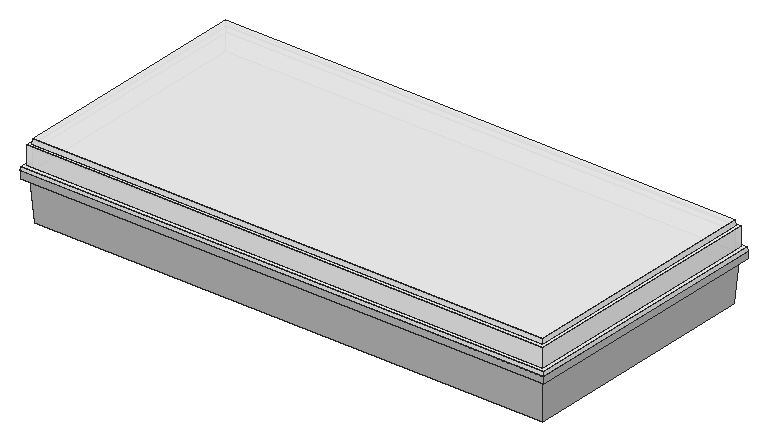
Revit family "SOLID EXIT LED EMERGENCY EXIT LIGHT TWT3051WK", category Lighting Fixtures, host Face, Revit 2015
Parameters (values of type "-arrow up")
  Width = 371 mm  # constant formula
  Viewing Distance = 30000 mm  # constant formula
  Up = yes
  Type Comments = "PB3005E"
  Right = no
  Product Code = "TWT3051WK"  # constant formula
  Pictogram = Teknoware Pictogram PB3005E
  Model = "Solid Exit"  # constant formula
  Material = Plastic
  Manufacturer = "Teknoware Oy"  # constant formula
  Left = no
  Height = 57 mm  # constant formula
  Down = no
  Depth = 181 mm  # constant formula
  Default Elevation = 1219.2 mm
  Color = RAL9003
Types (4, lengths in mm): name | Up | Type Comments | Right | Pictogram | Left | Down
  -arrow down | no | "PB3003E" | no | Teknoware Pictogram PB3003E | no | yes
  -arrow up | yes | "PB3005E" | no | Teknoware Pictogram PB3005E | no | no
  -arrow left | no | "PB3001E" | no | Teknoware Pictogram PB3001E | yes | no
  -arrow right | no | "PB3002E" | yes | Teknoware Pictogram PB3002E | no | no
Reference planes
  plane 1 "Center (Front/Back)": y = 0
  plane 2 "Bottom": z = 0
  plane 3 "Center (Left/Right)": x = 0
  plane 4 "Left": x = -185.5
  plane 5 "Right": x = 185.5
  plane 6 "Back": y = 90.5
  plane 7 "Front": y = -90.5
  plane 8 "Top": z = 57
  plane 9 "Center (Elevation)": z = 28.5
  plane 10: z = 36.691
  plane 11: z = 127
Dimensions and locks
  equal spacing: plane 4 "Left", plane 3 "Center (Left/Right)", plane 5 "Right"
  equal spacing: plane 6 "Back", plane 1 "Center (Front/Back)", plane 7 "Front"
  "Width": plane 4 "Left" to plane 5 "Right"
  "Depth": plane 6 "Back" to plane 7 "Front"
  equal spacing: plane 8 "Top", plane 9 "Center (Elevation)", plane 2 "Bottom"
  "Height": plane 8 "Top" to plane 2 "Bottom"
  locked: plane 8 "Top" to plane 10 at 20.309
  locked: plane 11 to plane 8 "Top" at 70
  aligned and locked: plane 2 "Bottom" to host face
  aligned and locked: level to host face
  aligned and locked: plane 3 "Center (Left/Right)" to nested 1
  aligned and locked: plane 1 "Center (Front/Back)" to nested 1
  aligned and locked: plane 8 "Top" to nested 1
  aligned and locked: plane 3 "Center (Left/Right)" to nested 2
  aligned and locked: plane 1 "Center (Front/Back)" to nested 2
  aligned and locked: plane 11 to nested 3
  aligned and locked: plane 11 to nested 5
  aligned and locked: plane 11 to nested 4
  aligned and locked: nested 6 to plane 11
  aligned and locked: nested 5 to plane 3 "Center (Left/Right)"
  aligned and locked: nested 3 to plane 3 "Center (Left/Right)"
  aligned and locked: nested 4 to plane 3 "Center (Left/Right)"
  aligned and locked: nested 6 to plane 3 "Center (Left/Right)"
Automatic sketch dimensions
  host sketch curve to host sketch curve = 2438.4 mm  (x2)
Nested families
  nested 1: "Solid Safe kupu_opasteella" at (414.5, 209.5, 0), type "Solid Safe kupu_opasteella"
  nested 2: "Solid Safe runko" at (414.5, 209.5, 0), type "Solid Safe runko"
  nested 3: "2D nuoli ylös" at (0, 0, 127) x (-1, 0, 0) z (0, -1, 0), visible <- "Up", type "2D nuoli ylös"
  nested 4: "2D nuoli sivulle" at (0, 0, 127) x (-1, 0, 0) z (0, -1, 0), visible <- "Left", type "2D nuoli sivulle"
  nested 5: "2D nuoli alas" at (0, 0, 127) x (-1, 0, 0) z (0, -1, 0), visible <- "Down", type "2D nuoli alas"
  nested 6: "2D nuoli sivulle" at (0, 0, 127) x (1, 0, 0) z (0, -1, 0), visible <- "Right", type "2D nuoli sivulle"
Definition of nested family "Solid Safe kupu_opasteella"
  Parameters (values of type "Solid Safe kupu_opasteella")
    Width = 371 mm  # constant formula
    Pictogram = none
    Depth = 181 mm  # constant formula
    Height = 57 mm  # constant formula
    Default Elevation = 1219.2 mm
    Color = none
    Body Material = none
  Reference planes
    plane 1 "Center (Front/Back)": y = -209.5
    plane 2 "Bottom": z = 0
    plane 3 "Center (Left/Right)": x = -414.5
    plane 4 "Left": x = -600
    plane 5 "Right": x = -229
    plane 6 "Front": y = -300
    plane 7 "Back": y = -119
    plane 8 "Top": z = 57
    plane 9 "Center (Elevation)": z = 28.5
    plane 10: x = -564.5
    plane 11: x = -264.5
    plane 12: y = -134.5
    plane 13: y = -284.5
  Forms (mm)
    Sweep 1, solid
      path origin (0, 0, 57) x (0, -1, 0) y (1, 0, 0)
        loop
          line (119, -600) -> (300, -600) -> (300, -229) -> (119, -229) -> (119, -600)
      profile origin (-600, -209.5, 57) x (-1, 0, 0) y (0, 0, 1)
        loop
          line (0, -20.309) -> (0, -17.275) -> (-2.466, -17.275) -> (-2.466, -3.774) -> (-4.422, -3.774) -> (-4.752, 0) -> (-7.262, 0) -> (-6.713, -6.274) -> (-4.966, -6.274) -> (-4.966, -20.309) -> (0, -20.309)
    Extrusion 2, solid
      sketch origin (0, -209.5, 57) x (1, 0, 0) y (0, 0, 1)
        loop
          line (-592.738, 0) -> (-592.957, -2.5) -> (-236.043, -2.5) -> (-236.262, 0) -> (-592.738, 0)
      from -85.534 to 85.534
  Cuts and joins
    joined: Sweep 1, Extrusion 2
  Lines and regions (mm)
    Split face 1
      outline origin (-236.262, -295.034, 57) x (0, 1, 0) y (-1, 0, 0)
        loop
          line (160.534, 328.238) -> (10.534, 328.238) -> (10.534, 28.238) -> (160.534, 28.238) -> (160.534, 328.238)
  Dimensions and locks
    equal spacing: plane 4 "Left", plane 3 "Center (Left/Right)", plane 5 "Right"
    equal spacing: plane 7 "Back", plane 1 "Center (Front/Back)", plane 6 "Front"
    equal spacing: plane 8 "Top", plane 9 "Center (Elevation)", plane 2 "Bottom"
    "Height": plane 8 "Top" to plane 2 "Bottom"
    "Width": plane 4 "Left" to plane 5 "Right"
    "Depth": plane 7 "Back" to plane 6 "Front"
    equal spacing: plane 10, plane 3 "Center (Left/Right)", plane 11
    locked: plane 10 to plane 11 at 300
    equal spacing: plane 12, plane 1 "Center (Front/Back)", plane 13
    locked: plane 12 to plane 13 at 150
    aligned and locked: level to plane 2 "Bottom"
    aligned and locked: Split face 1 sketch curve to plane 12
    aligned and locked: plane 10 to Split face 1 sketch curve
    aligned and locked: plane 13 to Split face 1 sketch curve
    aligned and locked: Split face 1 sketch curve to plane 11
  Automatic sketch dimensions
    Sweep 1 sketch curve to plane 5 "Right" = 0 mm
    Sweep 1 sketch curve to plane 7 "Back" = 0 mm
    Sweep 1 sketch curve to plane 4 "Left" = 0 mm
    Sweep 1 sketch curve to plane 6 "Front" = 0 mm
    Sweep 1 sketch curve to profile plane = 0 mm  (x2)
    profile plane to Sweep 1 sketch curve = 2.466 mm
    Sweep 1 sketch curve to Sweep 1 sketch curve = 1.956 mm
    Sweep 1 sketch curve to Sweep 1 sketch curve = 0.33 mm
    Sweep 1 sketch curve to Sweep 1 sketch curve = 2.5 mm  (x2)
    Sweep 1 sketch curve to Sweep 1 sketch curve = 1.746 mm
    Sweep 1 sketch curve to Sweep 1 sketch curve = 2.51 mm
    Sweep 1 sketch curve to profile plane = 3.774 mm
    Sweep 1 sketch curve to Sweep 1 sketch curve = 11.001 mm
    Sweep 1 sketch curve to Sweep 1 sketch curve = 3.033 mm
    Extrusion 2 sketch curve to plane 8 "Top" = 0 mm
    Extrusion 2 sketch curve to plane 8 "Top" = 2.5 mm
    plane 4 "Left" to Extrusion 2 sketch curve = 7.043 mm
    Extrusion 2 sketch curve to Extrusion 2 sketch curve = 0.219 mm  (x2)
    Extrusion 2 sketch curve to plane 5 "Right" = 7.262 mm
Definition of nested family "Solid Safe runko"
  Parameters (values of type "Solid Safe runko")
    Width = 371 mm  # constant formula
    Depth = 181 mm  # constant formula
    Height = 57 mm  # constant formula
    Default Elevation = 1219.2 mm
    Color = none
    Body Material = none
  Reference planes
    plane 1 "Center (Front/Back)": y = -209.5
    plane 2 "Bottom": z = 0
    plane 3 "Center (Left/Right)": x = -414.5
    plane 4 "Left": x = -600
    plane 5 "Right": x = -229
    plane 6 "Front": y = -300
    plane 7 "Back": y = -119
    plane 8 "Top": z = 57
    plane 9 "Center (Elevation)": z = 28.5
  Forms (mm)
    Extrusion 1, solid, material <- "Body Material"
      sketch origin (-234.616, -209.5, 3.654) x (0, 1, 0) y (1, 0, 0)
        loop
          line (78.884, -354.767) -> (78.884, -5) -> (-78.884, -5) -> (-78.884, -354.767) -> (78.884, -354.767)
      from 0 to 3.654
    Extrusion 2, void
      sketch origin (-414.5, 0, 57) x (0, 1, 0) y (0, 0, 1)
        loop
          line (-124.872, -57) -> (-119, -57) -> (-119, -25.083) -> (-122.64, -25.083) -> (-124.872, -57)
        loop
          line (-296.36, -25.083) -> (-300, -25.083) -> (-300, -57) -> (-294.128, -57) -> (-296.36, -25.083)
      from -185.5 to 185.5
    Extrusion 3, solid, material <- "Body Material"
      sketch origin (0, -209.5, 57) x (1, 0, 0) y (0, 0, 1)
        loop
          line (-594.384, -53.346) -> (-234.616, -53.346) -> (-232.64, -25.083) -> (-229, -25.083) -> (-229, -20.309) -> (-600, -20.309) -> (-600, -25.083) -> (-596.36, -25.083) -> (-594.384, -53.346)
      from -90.5 to 90.5
  Cuts and joins
    Extrusion 2 cuts Extrusion 3
    joined: Extrusion 1, Extrusion 3
  Dimensions and locks
    equal spacing: plane 4 "Left", plane 3 "Center (Left/Right)", plane 5 "Right"
    equal spacing: plane 7 "Back", plane 1 "Center (Front/Back)", plane 6 "Front"
    equal spacing: plane 8 "Top", plane 9 "Center (Elevation)", plane 2 "Bottom"
    "Height": plane 8 "Top" to plane 2 "Bottom"
    "Width": plane 4 "Left" to plane 5 "Right"
    "Depth": plane 7 "Back" to plane 6 "Front"
    aligned and locked: level to plane 2 "Bottom"
    aligned and locked: Extrusion 1 to level
  Automatic sketch dimensions
    Extrusion 2 sketch curve to level = 0 mm  (x2)
    Extrusion 2 sketch curve to plane 6 "Front" = 0 mm
    Extrusion 2 sketch curve to plane 7 "Back" = 0 mm
    plane 6 "Front" to Extrusion 2 sketch curve = 3.64 mm
    plane 6 "Front" to Extrusion 2 sketch curve = 5.872 mm
    Extrusion 2 sketch curve to Extrusion 2 sketch curve = 5.872 mm
    Extrusion 2 sketch curve to Extrusion 2 sketch curve = 3.64 mm
    plane 9 "Center (Elevation)" to Extrusion 2 sketch curve = 3.417 mm  (x2)
    Extrusion 3 sketch curve to plane 4 "Left" = 0 mm
    Extrusion 3 sketch curve to plane 5 "Right" = 0 mm
    plane 4 "Left" to Extrusion 3 sketch curve = 3.64 mm
    plane 4 "Left" to Extrusion 3 sketch curve = 5.616 mm
    Extrusion 3 sketch curve to plane 5 "Right" = 5.616 mm
    Extrusion 3 sketch curve to plane 5 "Right" = 3.64 mm
    level to Extrusion 3 sketch curve = 3.654 mm
    plane 9 "Center (Elevation)" to Extrusion 3 sketch curve = 3.417 mm  (x2)
    Extrusion 3 sketch curve to Extrusion 3 sketch curve = 4.774 mm
    Extrusion 1 sketch curve to Extrusion 3 = 5 mm
    Extrusion 1 sketch curve to Extrusion 3 = 11.616 mm  (x2)
    Extrusion 3 to Extrusion 1 sketch curve = 5 mm
Definition of nested family "2D nuoli ylös"
  Reference planes
    plane 1 "Center (Front/Back)": y = 0
    plane 2: z = 0
    plane 3 "Center (Left/Right)": x = 0
  Lines and regions (mm)
    Filled region 1, type "Green Filled", in view "Ref. Level"
      outline origin (0, 0, 0) x (1, 0, 0) y (0, 1, 0)
        loop
          line (-99.857, 0) -> (-99.857, -100) -> (99.857, -100) -> (99.857, 0) -> (-99.857, 0)
        loop
          arc (-31.923, -44.203) -> (-32.287, -44.046) -> (-32.607, -44.281) r 0.4
          line (-32.607, -44.281) -> (-36.639, -53.338)
          arc (-36.639, -53.338) -> (-36.724, -53.76) -> (-36.624, -54.178) r 0.994
          line (-36.624, -54.178) -> (-21.817, -84.536) -> (-27.712, -84.536)
          arc (-27.712, -84.536) -> (-30.096, -83.87) -> (-31.791, -82.065) r 4.603
          line (-31.791, -82.065) -> (-43.712, -59.255)
          arc (-43.712, -59.255) -> (-44.051, -59.09) -> (-44.307, -59.368) r 0.316
          line (-44.307, -59.368) -> (-45.505, -70.534)
          arc (-45.505, -70.534) -> (-46.482, -73.238) -> (-49.121, -74.379) r 3.623
          line (-49.121, -74.379) -> (-74.77, -74.379)
          arc (-74.77, -74.379) -> (-72.239, -69.16) -> (-66.837, -67.046) r 7.958
          line (-66.837, -67.046) -> (-53.724, -67.046)
          arc (-53.724, -67.046) -> (-53.159, -66.823) -> (-52.898, -66.276) r 0.827
          line (-52.898, -66.276) -> (-52.102, -54.815)
          arc (-52.102, -54.815) -> (-51.859, -52.833) -> (-51.41, -50.887) r 19.079
          line (-51.41, -50.887) -> (-45.738, -39.258) -> (-51.391, -39.258)
          arc (-51.391, -39.258) -> (-52.105, -39.447) -> (-52.63, -39.965) r 1.439
          line (-52.63, -39.965) -> (-57.784, -48.688)
          arc (-57.784, -48.688) -> (-61.673, -49.25) -> (-63.056, -45.573) r 3.135
          line (-63.056, -45.573) -> (-57.765, -36.409)
          arc (-57.765, -36.409) -> (-55.741, -34.384) -> (-52.975, -33.643) r 5.532
          line (-52.975, -33.643) -> (-35.016, -33.643)
          arc (-35.016, -33.643) -> (-32.468, -34.219) -> (-30.417, -35.836) r 5.918
          line (-30.417, -35.836) -> (-23.238, -44.702) -> (-14.74, -44.702) -> (-14.74, -12.003) -> (-66.843, -12.003) -> (-66.843, -65.836)
          arc (-66.843, -65.836) -> (-73.933, -68.773) -> (-76.87, -75.863) r 10.027
          line (-76.87, -75.863) -> (-66.891, -75.863) -> (-66.891, -87.015) -> (-71.979, -92.103) -> (-37.454, -92.103) -> (-31.927, -86.949)
          arc (-31.927, -86.949) -> (-30.718, -86.187) -> (-29.314, -85.92) r 3.832
          line (-29.314, -85.92) -> (-23.096, -85.92) -> (-29.279, -92.103) -> (-19.444, -92.103) -> (-14.74, -87.399) -> (-14.74, -50.784) -> (-24.352, -50.784)
          arc (-24.352, -50.784) -> (-26.689, -50.233) -> (-28.536, -48.697) r 5.239
          line (-28.536, -48.697) -> (-31.923, -44.203)
        loop
          circle (-33.592, -25.92) r 6.244
        loop
          line (39, -82.408) -> (55.302, -82.408) -> (55.302, -49.907) -> (75.045, -69.65) -> (75.045, -48.564) -> (47.151, -17.585) -> (19.258, -48.564) -> (19.258, -69.65) -> (39, -49.907) -> (39, -82.408)
    Filled region 2, type "White Fill", in view "Ref. Level"
      outline origin (0, 0, 0) x (1, 0, 0) y (0, 1, 0)
        loop
          arc (-57.765, -36.409) -> (-55.741, -34.384) -> (-52.975, -33.643) r 5.532
          line (-52.975, -33.643) -> (-35.016, -33.643)
          arc (-35.016, -33.643) -> (-32.468, -34.219) -> (-30.417, -35.836) r 5.918
          line (-30.417, -35.836) -> (-23.238, -44.702) -> (-14.74, -44.702) -> (-14.74, -12.003) -> (-66.843, -12.003) -> (-66.843, -65.836)
          arc (-66.843, -65.836) -> (-73.933, -68.773) -> (-76.87, -75.863) r 10.027
          line (-76.87, -75.863) -> (-66.891, -75.863) -> (-66.891, -87.015) -> (-71.979, -92.103) -> (-37.454, -92.103) -> (-31.927, -86.949)
          arc (-31.927, -86.949) -> (-30.718, -86.187) -> (-29.314, -85.92) r 3.832
          line (-29.314, -85.92) -> (-23.096, -85.92) -> (-29.279, -92.103) -> (-19.444, -92.103) -> (-14.74, -87.399) -> (-14.74, -50.784) -> (-24.352, -50.784)
          arc (-24.352, -50.784) -> (-26.689, -50.233) -> (-28.536, -48.697) r 5.239
          line (-28.536, -48.697) -> (-31.923, -44.203)
          arc (-31.923, -44.203) -> (-32.287, -44.046) -> (-32.607, -44.281) r 0.4
          line (-32.607, -44.281) -> (-36.639, -53.338)
          arc (-36.639, -53.338) -> (-36.724, -53.76) -> (-36.624, -54.178) r 0.994
          line (-36.624, -54.178) -> (-21.817, -84.536) -> (-27.712, -84.536)
          arc (-27.712, -84.536) -> (-30.096, -83.87) -> (-31.791, -82.065) r 4.603
          line (-31.791, -82.065) -> (-43.712, -59.255)
          arc (-43.712, -59.255) -> (-44.051, -59.09) -> (-44.307, -59.368) r 0.316
          line (-44.307, -59.368) -> (-45.505, -70.534)
          arc (-45.505, -70.534) -> (-46.482, -73.238) -> (-49.121, -74.379) r 3.623
          line (-49.121, -74.379) -> (-74.77, -74.379)
          arc (-74.77, -74.379) -> (-72.239, -69.16) -> (-66.837, -67.046) r 7.958
          line (-66.837, -67.046) -> (-53.724, -67.046)
          arc (-53.724, -67.046) -> (-53.159, -66.823) -> (-52.898, -66.276) r 0.827
          line (-52.898, -66.276) -> (-52.102, -54.815)
          arc (-52.102, -54.815) -> (-51.859, -52.833) -> (-51.41, -50.887) r 19.079
          line (-51.41, -50.887) -> (-45.738, -39.258) -> (-51.391, -39.258)
          arc (-51.391, -39.258) -> (-52.105, -39.447) -> (-52.63, -39.965) r 1.439
          line (-52.63, -39.965) -> (-57.784, -48.688)
          arc (-57.784, -48.688) -> (-61.673, -49.25) -> (-63.056, -45.573) r 3.135
          line (-63.056, -45.573) -> (-57.765, -36.409)
        loop
          circle (-33.592, -25.92) r 6.244
        loop
          line (39, -49.907) -> (39, -82.408) -> (55.302, -82.408) -> (55.302, -49.907) -> (75.045, -69.65) -> (75.045, -48.564) -> (47.151, -17.585) -> (19.258, -48.564) -> (19.258, -69.65) -> (39, -49.907)
Definition of nested family "2D nuoli sivulle"
  Reference planes
    plane 1 "Center (Front/Back)": y = 0
    plane 2: z = 0
    plane 3 "Center (Left/Right)": x = 0
  Lines and regions (mm)
    Filled region 1, type "Green Filled", in view "Ref. Level"
      outline origin (0, 0, 0) x (1, 0, 0) y (0, 1, 0)
        loop
          line (-99.857, 0) -> (-99.857, -100) -> (99.857, -100) -> (99.857, 0) -> (-99.857, 0)
        loop
          arc (-31.923, -44.203) -> (-32.287, -44.046) -> (-32.607, -44.281) r 0.4
          line (-32.607, -44.281) -> (-36.639, -53.338)
          arc (-36.639, -53.338) -> (-36.724, -53.76) -> (-36.624, -54.178) r 0.994
          line (-36.624, -54.178) -> (-21.817, -84.536) -> (-27.712, -84.536)
          arc (-27.712, -84.536) -> (-30.096, -83.87) -> (-31.791, -82.065) r 4.603
          line (-31.791, -82.065) -> (-43.712, -59.255)
          arc (-43.712, -59.255) -> (-44.051, -59.09) -> (-44.307, -59.368) r 0.316
          line (-44.307, -59.368) -> (-45.505, -70.534)
          arc (-45.505, -70.534) -> (-46.482, -73.238) -> (-49.121, -74.379) r 3.623
          line (-49.121, -74.379) -> (-74.77, -74.379)
          arc (-74.77, -74.379) -> (-72.239, -69.16) -> (-66.837, -67.046) r 7.958
          line (-66.837, -67.046) -> (-53.724, -67.046)
          arc (-53.724, -67.046) -> (-53.159, -66.823) -> (-52.898, -66.276) r 0.827
          line (-52.898, -66.276) -> (-52.102, -54.815)
          arc (-52.102, -54.815) -> (-51.859, -52.833) -> (-51.41, -50.887) r 19.079
          line (-51.41, -50.887) -> (-45.738, -39.258) -> (-51.391, -39.258)
          arc (-51.391, -39.258) -> (-52.105, -39.447) -> (-52.63, -39.965) r 1.439
          line (-52.63, -39.965) -> (-57.784, -48.688)
          arc (-57.784, -48.688) -> (-61.673, -49.25) -> (-63.056, -45.573) r 3.135
          line (-63.056, -45.573) -> (-57.765, -36.409)
          arc (-57.765, -36.409) -> (-55.741, -34.384) -> (-52.975, -33.643) r 5.532
          line (-52.975, -33.643) -> (-35.016, -33.643)
          arc (-35.016, -33.643) -> (-32.468, -34.219) -> (-30.417, -35.836) r 5.918
          line (-30.417, -35.836) -> (-23.238, -44.702) -> (-14.74, -44.702) -> (-14.74, -12.003) -> (-66.843, -12.003) -> (-66.843, -65.836)
          arc (-66.843, -65.836) -> (-73.933, -68.773) -> (-76.87, -75.863) r 10.027
          line (-76.87, -75.863) -> (-66.891, -75.863) -> (-66.891, -87.015) -> (-71.979, -92.103) -> (-37.454, -92.103) -> (-31.927, -86.949)
          arc (-31.927, -86.949) -> (-30.718, -86.187) -> (-29.314, -85.92) r 3.832
          line (-29.314, -85.92) -> (-23.096, -85.92) -> (-29.279, -92.103) -> (-19.444, -92.103) -> (-14.74, -87.399) -> (-14.74, -50.784) -> (-24.352, -50.784)
          arc (-24.352, -50.784) -> (-26.689, -50.233) -> (-28.536, -48.697) r 5.239
          line (-28.536, -48.697) -> (-31.923, -44.203)
        loop
          circle (-33.592, -25.92) r 6.244
        loop
          line (14.74, -41.845) -> (14.74, -58.147) -> (47.241, -58.147) -> (27.498, -77.89) -> (48.584, -77.89) -> (79.563, -49.996) -> (48.584, -22.103) -> (27.498, -22.103) -> (47.241, -41.845) -> (14.74, -41.845)
    Filled region 2, type "White Fill", in view "Ref. Level"
      outline origin (0, 0, 0) x (1, 0, 0) y (0, 1, 0)
        loop
          arc (-57.765, -36.409) -> (-55.741, -34.384) -> (-52.975, -33.643) r 5.532
          line (-52.975, -33.643) -> (-35.016, -33.643)
          arc (-35.016, -33.643) -> (-32.468, -34.219) -> (-30.417, -35.836) r 5.918
          line (-30.417, -35.836) -> (-23.238, -44.702) -> (-14.74, -44.702) -> (-14.74, -12.003) -> (-66.843, -12.003) -> (-66.843, -65.836)
          arc (-66.843, -65.836) -> (-73.933, -68.773) -> (-76.87, -75.863) r 10.027
          line (-76.87, -75.863) -> (-66.891, -75.863) -> (-66.891, -87.015) -> (-71.979, -92.103) -> (-37.454, -92.103) -> (-31.927, -86.949)
          arc (-31.927, -86.949) -> (-30.718, -86.187) -> (-29.314, -85.92) r 3.832
          line (-29.314, -85.92) -> (-23.096, -85.92) -> (-29.279, -92.103) -> (-19.444, -92.103) -> (-14.74, -87.399) -> (-14.74, -50.784) -> (-24.352, -50.784)
          arc (-24.352, -50.784) -> (-26.689, -50.233) -> (-28.536, -48.697) r 5.239
          line (-28.536, -48.697) -> (-31.923, -44.203)
          arc (-31.923, -44.203) -> (-32.287, -44.046) -> (-32.607, -44.281) r 0.4
          line (-32.607, -44.281) -> (-36.639, -53.338)
          arc (-36.639, -53.338) -> (-36.724, -53.76) -> (-36.624, -54.178) r 0.994
          line (-36.624, -54.178) -> (-21.817, -84.536) -> (-27.712, -84.536)
          arc (-27.712, -84.536) -> (-30.096, -83.87) -> (-31.791, -82.065) r 4.603
          line (-31.791, -82.065) -> (-43.712, -59.255)
          arc (-43.712, -59.255) -> (-44.051, -59.09) -> (-44.307, -59.368) r 0.316
          line (-44.307, -59.368) -> (-45.505, -70.534)
          arc (-45.505, -70.534) -> (-46.482, -73.238) -> (-49.121, -74.379) r 3.623
          line (-49.121, -74.379) -> (-74.77, -74.379)
          arc (-74.77, -74.379) -> (-72.239, -69.16) -> (-66.837, -67.046) r 7.958
          line (-66.837, -67.046) -> (-53.724, -67.046)
          arc (-53.724, -67.046) -> (-53.159, -66.823) -> (-52.898, -66.276) r 0.827
          line (-52.898, -66.276) -> (-52.102, -54.815)
          arc (-52.102, -54.815) -> (-51.859, -52.833) -> (-51.41, -50.887) r 19.079
          line (-51.41, -50.887) -> (-45.738, -39.258) -> (-51.391, -39.258)
          arc (-51.391, -39.258) -> (-52.105, -39.447) -> (-52.63, -39.965) r 1.439
          line (-52.63, -39.965) -> (-57.784, -48.688)
          arc (-57.784, -48.688) -> (-61.673, -49.25) -> (-63.056, -45.573) r 3.135
          line (-63.056, -45.573) -> (-57.765, -36.409)
        loop
          circle (-33.592, -25.92) r 6.244
        loop
          line (47.241, -41.845) -> (14.74, -41.845) -> (14.74, -58.147) -> (47.241, -58.147) -> (27.498, -77.89) -> (48.584, -77.89) -> (79.563, -49.996) -> (48.584, -22.103) -> (27.498, -22.103) -> (47.241, -41.845)
Definition of nested family "2D nuoli alas"
  Reference planes
    plane 1 "Center (Front/Back)": y = 0
    plane 2: z = 0
    plane 3 "Center (Left/Right)": x = 0
  Lines and regions (mm)
    Filled region 1, type "Green Filled", in view "Ref. Level"
      outline origin (0, 0, 0) x (1, 0, 0) y (0, 1, 0)
        loop
          line (-99.857, 0) -> (-99.857, -100) -> (99.857, -100) -> (99.857, 0) -> (-99.857, 0)
        loop
          arc (-31.923, -44.203) -> (-32.287, -44.046) -> (-32.607, -44.281) r 0.4
          line (-32.607, -44.281) -> (-36.639, -53.338)
          arc (-36.639, -53.338) -> (-36.724, -53.76) -> (-36.624, -54.178) r 0.994
          line (-36.624, -54.178) -> (-21.817, -84.536) -> (-27.712, -84.536)
          arc (-27.712, -84.536) -> (-30.096, -83.87) -> (-31.791, -82.065) r 4.603
          line (-31.791, -82.065) -> (-43.712, -59.255)
          arc (-43.712, -59.255) -> (-44.051, -59.09) -> (-44.307, -59.368) r 0.316
          line (-44.307, -59.368) -> (-45.505, -70.534)
          arc (-45.505, -70.534) -> (-46.482, -73.238) -> (-49.121, -74.379) r 3.623
          line (-49.121, -74.379) -> (-74.77, -74.379)
          arc (-74.77, -74.379) -> (-72.239, -69.16) -> (-66.837, -67.046) r 7.958
          line (-66.837, -67.046) -> (-53.724, -67.046)
          arc (-53.724, -67.046) -> (-53.159, -66.823) -> (-52.898, -66.276) r 0.827
          line (-52.898, -66.276) -> (-52.102, -54.815)
          arc (-52.102, -54.815) -> (-51.859, -52.833) -> (-51.41, -50.887) r 19.079
          line (-51.41, -50.887) -> (-45.738, -39.258) -> (-51.391, -39.258)
          arc (-51.391, -39.258) -> (-52.105, -39.447) -> (-52.63, -39.965) r 1.439
          line (-52.63, -39.965) -> (-57.784, -48.688)
          arc (-57.784, -48.688) -> (-61.673, -49.25) -> (-63.056, -45.573) r 3.135
          line (-63.056, -45.573) -> (-57.765, -36.409)
          arc (-57.765, -36.409) -> (-55.741, -34.384) -> (-52.975, -33.643) r 5.532
          line (-52.975, -33.643) -> (-35.016, -33.643)
          arc (-35.016, -33.643) -> (-32.468, -34.219) -> (-30.417, -35.836) r 5.918
          line (-30.417, -35.836) -> (-23.238, -44.702) -> (-14.74, -44.702) -> (-14.74, -12.003) -> (-66.843, -12.003) -> (-66.843, -65.836)
          arc (-66.843, -65.836) -> (-73.933, -68.773) -> (-76.87, -75.863) r 10.027
          line (-76.87, -75.863) -> (-66.891, -75.863) -> (-66.891, -87.015) -> (-71.979, -92.103) -> (-37.454, -92.103) -> (-31.927, -86.949)
          arc (-31.927, -86.949) -> (-30.718, -86.187) -> (-29.314, -85.92) r 3.832
          line (-29.314, -85.92) -> (-23.096, -85.92) -> (-29.279, -92.103) -> (-19.444, -92.103) -> (-14.74, -87.399) -> (-14.74, -50.784) -> (-24.352, -50.784)
          arc (-24.352, -50.784) -> (-26.689, -50.233) -> (-28.536, -48.697) r 5.239
          line (-28.536, -48.697) -> (-31.923, -44.203)
        loop
          circle (-33.592, -25.92) r 6.244
        loop
          line (55.302, -17.585) -> (39, -17.585) -> (39, -50.086) -> (19.258, -30.343) -> (19.258, -51.429) -> (47.151, -82.408) -> (75.045, -51.429) -> (75.045, -30.343) -> (55.302, -50.086) -> (55.302, -17.585)
    Filled region 2, type "White Fill", in view "Ref. Level"
      outline origin (0, 0, 0) x (1, 0, 0) y (0, 1, 0)
        loop
          arc (-57.765, -36.409) -> (-55.741, -34.384) -> (-52.975, -33.643) r 5.532
          line (-52.975, -33.643) -> (-35.016, -33.643)
          arc (-35.016, -33.643) -> (-32.468, -34.219) -> (-30.417, -35.836) r 5.918
          line (-30.417, -35.836) -> (-23.238, -44.702) -> (-14.74, -44.702) -> (-14.74, -12.003) -> (-66.843, -12.003) -> (-66.843, -65.836)
          arc (-66.843, -65.836) -> (-73.933, -68.773) -> (-76.87, -75.863) r 10.027
          line (-76.87, -75.863) -> (-66.891, -75.863) -> (-66.891, -87.015) -> (-71.979, -92.103) -> (-37.454, -92.103) -> (-31.927, -86.949)
          arc (-31.927, -86.949) -> (-30.718, -86.187) -> (-29.314, -85.92) r 3.832
          line (-29.314, -85.92) -> (-23.096, -85.92) -> (-29.279, -92.103) -> (-19.444, -92.103) -> (-14.74, -87.399) -> (-14.74, -50.784) -> (-24.352, -50.784)
          arc (-24.352, -50.784) -> (-26.689, -50.233) -> (-28.536, -48.697) r 5.239
          line (-28.536, -48.697) -> (-31.923, -44.203)
          arc (-31.923, -44.203) -> (-32.287, -44.046) -> (-32.607, -44.281) r 0.4
          line (-32.607, -44.281) -> (-36.639, -53.338)
          arc (-36.639, -53.338) -> (-36.724, -53.76) -> (-36.624, -54.178) r 0.994
          line (-36.624, -54.178) -> (-21.817, -84.536) -> (-27.712, -84.536)
          arc (-27.712, -84.536) -> (-30.096, -83.87) -> (-31.791, -82.065) r 4.603
          line (-31.791, -82.065) -> (-43.712, -59.255)
          arc (-43.712, -59.255) -> (-44.051, -59.09) -> (-44.307, -59.368) r 0.316
          line (-44.307, -59.368) -> (-45.505, -70.534)
          arc (-45.505, -70.534) -> (-46.482, -73.238) -> (-49.121, -74.379) r 3.623
          line (-49.121, -74.379) -> (-74.77, -74.379)
          arc (-74.77, -74.379) -> (-72.239, -69.16) -> (-66.837, -67.046) r 7.958
          line (-66.837, -67.046) -> (-53.724, -67.046)
          arc (-53.724, -67.046) -> (-53.159, -66.823) -> (-52.898, -66.276) r 0.827
          line (-52.898, -66.276) -> (-52.102, -54.815)
          arc (-52.102, -54.815) -> (-51.859, -52.833) -> (-51.41, -50.887) r 19.079
          line (-51.41, -50.887) -> (-45.738, -39.258) -> (-51.391, -39.258)
          arc (-51.391, -39.258) -> (-52.105, -39.447) -> (-52.63, -39.965) r 1.439
          line (-52.63, -39.965) -> (-57.784, -48.688)
          arc (-57.784, -48.688) -> (-61.673, -49.25) -> (-63.056, -45.573) r 3.135
          line (-63.056, -45.573) -> (-57.765, -36.409)
        loop
          circle (-33.592, -25.92) r 6.244
        loop
          line (55.302, -50.086) -> (55.302, -17.585) -> (39, -17.585) -> (39, -50.086) -> (19.258, -30.343) -> (19.258, -51.429) -> (47.151, -82.408) -> (75.045, -51.429) -> (75.045, -30.343) -> (55.302, -50.086)
